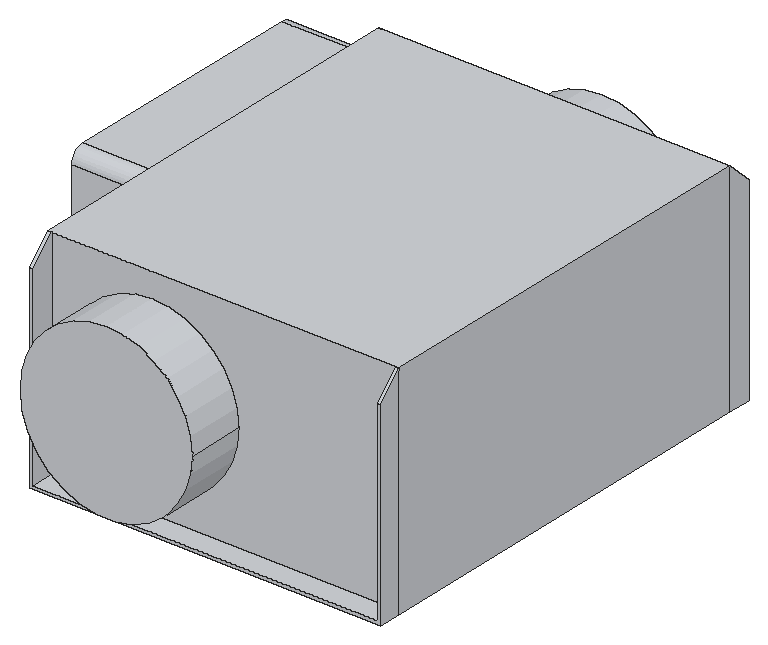
Revit family "CADS_Vent-Axia_MechEquip_Fan_SENT_DBoxSingle - EXTRACT", category Mechanical Equipment, host Face, Revit 2020
Family settings
  Host = Face
  Round Connector Dimension = Use Diameter
  Classification = None
  Part Type = Normal
  OmniClass Number = 23.75.35.17.11
  OmniClass Title = Fans for Air Ductwork
  Cut with Voids When Loaded = No
  Shared = No
  Room Calculation Point = No
Parameters (values of type "SENT150S/CP")
  WorkingPressure = 0.0 Pa
  WarrantyStartDate [instance] = "1900-12-31T23:59:59"
  WarrantyPeriod = ""
  WarrantyIdentifier = "N/A"
  WarrantyGuarantorParts = "tech@vent-axia.com"
  WarrantyGuarantorLabor = "tech@vent-axia.com"
  WarrantyGuarantor = "Vent-Axia Limited"
  WarrantyEndDate [instance] = "1900-12-31T23:59:59"
  WarrantyContent = ""
  W = 0 mm
  Type Image = <None>
  TemperatureRange = ""
  TagNumber [instance] = "N/A"
  SustainabilityPerformance = ""
  Status = "New"
  SpigotCLHeight = 62 mm
  Size = ""
  Shape = ""
  ServiceLifeType = ""
  ServiceLifeDuration = ""
  SerialNumber [instance] = "N/A"
  ReplacementCost = ""
  RatedVoltage = 0 V
  RatedCurrent = 0 A
  Quantity = 1
  ProductionYear = ""
  PressureCurve = ""
  PowerFactor = ""
  PointOfContact = ""
  OutOffset = 62 mm
  NumberOfPoles = 0
  NominalWidth = 306 mm
  NominalLength = 380 mm
  NominalHeight = 192 mm
  NominalFrequencyRange = ""
  NominalDiameter = 150 mm
  ModelReference = "SENTINEL 150 CONST.PRESS"
  ModelNumber = "SENT150S/CP"
  Material = ""
  ManufacturerE-Mail = "tech@vent-axia.com"
  ManufacturerAddress = "Fleming Way\nCrawley \nRH10 9YX"
  L = NominalLength - 20 mm  # 360 mm
  IsExtendedWarranty = no
  InsulationStandardClass = ""
  InstallationDate [instance] = "1900-12-31T23:59:59"
  IfcExportType [instance] = ""
  IfcExportAs [instance] = "IfcFanType"
  IP_Code = ""
  HasProtectiveEarth = no
  H = 0 mm
  GrossWeight = 0.00 kg
  Grade = ""
  GlobalTradeItemNumber [instance] = "N/A"
  Fitting Type = "Ignore"
  Finish = ""
  Features = ""
  ExteriorInsulation = no
  ExpectedServiceLife = 0
  Exclusions = ""
  EBVoffset = 80.486 mm
  EBHoffset = 205.5 mm
  DurationUnit = "Year"
  Default Elevation = 1219.2 mm
  Constituents = ""
  ConductorFunction = ""
  Color = ""
  CodePerformance = ""
  Category = ""
  CADS_Usage = 0
  CADS_Index = 0
  AssetType = "FIXED"
  AssetIdentifier [instance] = "N/A"
  AssemblyPlace = "UNKNOWN"
  ArticleNumber [instance] = "N/A"
  AirflowRateRange = 0.0 L/s
  Air Flow [instance] = 0.0 L/s
  AccessibilityPerformance = ""
Types (11, lengths in mm): name | Type Image | SpigotCLHeight | OutOffset | NominalWidth | NominalLength | NominalHeight | NominalDiameter | ModelReference | ModelNumber | L | EBVoffset | EBHoffset
  SENT100S | <None> | 62 | 62 | 306 | 380 | 192 | 100 | "SENTINEL 100S/H" | "SENT100S" | 360 | 70 | 75
  SENT125S | <None> | 62 | 62 | 306 | 380 | 192 | 125 | "SENTINEL 125 HIERARCHY" | "SENT125S" | 360 | 80.486 | 205.5
  SENT150S | <None> | 62 | 62 | 306 | 380 | 192 | 150 | "SENTINEL 150 HIERARCHY" | "SENT150S" | 360 | 80.486 | 205.5
  SENT150S/CP | <None> | 62 | 62 | 306 | 380 | 192 | 150 | "SENTINEL 150 CONST.PRESS" | "SENT150S/CP" | 360 | 80.486 | 205.5
  SENT200S | <None> | 60 | 60 | 360 | 435 | 287 | 200 | "SENTINEL 200 HIERARCHY" | "SENT200S" | 415 | 80.486 | 205.5
  SENT250S | <None> | 35 | 35 | 360 | 435 | 287 | 250 | "SENTINEL 250 HIERARCHY" | "SENT250S" | 415 | 80.486 | 205.5
  SENT315S | <None> | 43 | 43 | 568 | 710 | 458 | 315 | "SENTINEL 315 HIERARCHY" | "SENT315S" | 690 | 80.486 | 205.5
  SENT315S/CP | <None> | 43 | 43 | 568 | 710 | 458 | 315 | "SENTINEL 315 CONST.PRESS" | "SENT315S/CP" | 690 | 80.486 | 205.5
  SENT400S | <None> | 43 | 43 | 568 | 710 | 458 | 400 | "SENTINEL 400 HIERARCHY" | "SENT400S" | 690 | 80.486 | 205.5
  SENT400S/CP | <None> | 43 | 43 | 568 | 710 | 458 | 400 | "SENTINEL 400 CONST.PRESS" | "SENT400S/CP" | 690 | 80.486 | 205.5
  SENT500S | CADS_Vent-Axia_MechEquip_Fan_SENT_DBoxSingle.jpg | 59 | 59 | 765 | 898 | 577 | 500 | "SENTINEL 500 HIERARCHY" | "SENT500S" | 878 | 80.486 | 205.5
Reference planes
  plane 1 "Center (Front/Back)": y = 0
  plane 2: z = 0
  plane 3 "Center (Left/Right)": x = 0
  plane 4 "Left Face": x = -153
  plane 5 "out face": y = -180
  plane 6 "right face": x = 153
  plane 7 "in face": y = 180
  plane 8: x = -62
  plane 9: z = 96
  plane 10 "top face": z = 192
  plane 11: y = -200
  plane 12: y = 200
  plane 13: x = 173
  plane 14: z = 158
Forms (mm)
  Extrusion 1, solid
    sketch origin (0, 0, 0) x (1, 0, 0) y (0, 1, 0)
      loop
        line (-153, 180) -> (-153, -180) -> (153, -180) -> (153, 180) -> (-153, 180)
    from 0 to 192 <- "NominalHeight"
  Extrusion 2, solid
    sketch origin (0, -180, 0) x (1, 0, 0) y (0, 0, 1)
      loop
        circle (-62, 96) r 75
    from 0 to 50
  Extrusion 3, solid
    sketch origin (0, 180, 0) x (1, 0, 0) y (0, 0, -1)
      loop
        circle (0, -96) r 75
    from 0 to 51.496
  Sweep 4, solid
    path origin (0, -180, 0) x (1, 0, 0) y (0, 0, 1)
      loop
        line (-153, 192) -> (-153, 0) -> (153, 0) -> (153, 192)
    profile origin (-153, -180, 96) x (0, -1, 0) y (1, 0, 0)
      loop
        line (0, 0) -> (20, 0) -> (20, 3) -> (0, 3) -> (0, 0)
  Sweep 5, solid
    path origin (0, 180, 0) x (1, 0, 0) y (0, 0, 1)
      loop
        line (153, 192) -> (153, 0) -> (-153, 0) -> (-153, 192)
    profile origin (153, 180, 96) x (0, 1, 0) y (-1, 0, 0)
      loop
        line (20, 3) -> (0, 3) -> (0, 0) -> (20, 0) -> (20, 3)
  Sweep 6, void
    path origin (0, 0, 192) x (1, 0, 0) y (0, 1, 0)
      loop
        line (-153, -200) -> (173, -200) -> (173, 200) -> (-153, 200)
    profile origin (10, -200, 192) x (0, 1, 0) y (0, 0, 1)
      loop
        line (20, 0) -> (0, 0) -> (0, -20) -> (20, 0)
Cuts and joins
  Sweep 6 cuts Sweep 4
  Sweep 6 cuts Sweep 5
  joined: Sweep 4, Sweep 5
  Sweep 6 cuts Extrusion 1
Lines and regions (mm)
  model lines
    curve 1: line (0, 0, 192) -> (0, 100, 192)
    curve 2: line (0, 0, 192) -> (-9.059, 33.807, 192)
    curve 3: line (0, 0, 192) -> (9.059, 33.807, 192)
  model lines, not visible
    curve 4: line (0, 0, 192) -> (0, 100, 192)
    curve 5: line (0, 0, 192) -> (-9.059, 33.807, 192)
    curve 6: line (0, 0, 192) -> (9.059, 33.807, 192)
Dimensions and locks
  "NominalWidth": plane 4 "Left Face" to plane 6 "right face"
  equal spacing: plane 4 "Left Face", plane 3 "Center (Left/Right)", plane 6 "right face"
  "L": plane 5 "out face" to plane 7 "in face"
  equal spacing: plane 5 "out face", plane 1 "Center (Front/Back)", plane 7 "in face"
  "OutOffset": plane 8 to plane 3 "Center (Left/Right)"
  plane 8 to Extrusion 2 sketch curve = 0 mm
  Extrusion 2 sketch curve to plane 9 = 0 mm
  "EBHoffset": nested 1 to plane 1 "Center (Front/Back)"
  "EBVoffset": nested 1 to level
  "NominalHeight": level to plane 10 "top face"
  plane 5 "out face" to plane 11 = 20 mm
  plane 7 "in face" to plane 12 = 20 mm
  plane 6 "right face" to plane 13 = 20 mm
  equal spacing: plane 10 "top face", plane 9, plane 2
  "SpigotCLHeight": plane 9 to plane 14
  locked: plane 9 to Extrusion 3 sketch curve
  "NominalDiameter": diameter of Extrusion 2 sketch curve
  "NominalDiameter": diameter of Extrusion 3 sketch curve
  aligned and locked: plane 2 to host face
  aligned and locked: level to host face
  aligned and locked: Sweep 4 sketch curve to plane 6 "right face"
  aligned and locked: Sweep 4 sketch curve to plane 4 "Left Face"
  aligned and locked: Sweep 6 sketch curve to plane 12
  aligned and locked: plane 13 to Sweep 6 sketch curve
  aligned and locked: profile plane to Sweep 4 sketch curve
  aligned and locked: plane 11 to Sweep 4 sketch curve
  aligned and locked: plane 7 "in face" to nested 3
  aligned and locked: nested 3 to plane 9
  aligned and locked: plane 3 "Center (Left/Right)" to curve 1
  aligned and locked: plane 1 "Center (Front/Back)" to curve 3
Automatic sketch dimensions
  host sketch curve to host sketch curve = 2438.4 mm  (x2)
  Extrusion 1 sketch curve to plane 4 "Left Face" = 0 mm
  Extrusion 1 sketch curve to plane 5 "out face" = 0 mm
  Extrusion 1 sketch curve to plane 6 "right face" = 0 mm
  plane 7 "in face" to Extrusion 1 sketch curve = 0 mm
  profile plane to Sweep 4 sketch curve = 0 mm
  Sweep 4 sketch curve to profile plane = 3 mm
  Sweep 5 sketch curve to profile plane = 3 mm
  plane 7 "in face" to Sweep 5 sketch curve = 20 mm
  profile plane to Sweep 5 sketch curve = 0 mm
  Sweep 5 sketch curve to Sweep 5 sketch curve = 20 mm
  Sweep 6 sketch curve to plane 4 "Left Face" = 0 mm  (x2)
  Sweep 6 sketch curve to plane 11 = 0 mm
  Sweep 6 sketch curve to plane 10 "top face" = 0 mm
  Sweep 6 sketch curve to profile plane = 0 mm
  Sweep 6 sketch curve to Sweep 6 sketch curve = 20 mm  (x2)
  Sweep 4 sketch curve to level = 0 mm
  Sweep 4 sketch curve to plane 10 "top face" = 0 mm  (x2)
  Sweep 5 sketch curve to level = 0 mm
  Sweep 5 sketch curve to plane 4 "Left Face" = 0 mm
  plane 6 "right face" to Sweep 5 sketch curve = 0 mm
  Sweep 5 sketch curve to plane 10 "top face" = 0 mm  (x2)
  Extrusion 3 sketch curve to plane 3 "Center (Left/Right)" = 0 mm
Nested families
  nested 1: "Electrical Connection Box" at (-153, 205.5, 80.486) x (0, -1, 0) z (-1, 0, 0), type "Electrical Connection Box"
  nested 2: "Electrical Connection Box" at (-153, -120, 123) x (0, -1, 0) z (-1, 0, 0), type "Electrical Connection Box"
  nested 3: "Electrical Connection Box" at (-153, 60, 96) x (0, -1, 0) z (-1, 0, 0), type "SENT"
    with w 240 mm, h 75 mm, d 160 mm
Connectors
  hvac at (-62, -230, 96), driven by "NominalDiameter", driven by "Air Flow"
    settings: on Extrusion 2, index 1, duct flow 0.0 L/s, flow factor 0, pres drop 0.0 Pa, loss coef 0, conn angle 0.00°, conn width 304.8 mm, conn height 304.8 mm, conn diameter 150 mm, duct sys type 3, conn prof type 0, flow config 1, flow direction 2, loss method 0, conn ref index -1, conn util no, is conn primary yes, conn desc ""
  hvac at (0, 231.496, 96), driven by "NominalDiameter", driven by "Air Flow"
    settings: on Extrusion 3, index 2, duct flow 0.0 L/s, flow factor 0, pres drop 0.0 Pa, loss coef 0, conn angle 0.00°, conn width 304.8 mm, conn height 304.8 mm, conn diameter 150 mm, duct sys type 2, conn prof type 0, flow config 0, flow direction 1, loss method 0, conn ref index -1, conn util no, is conn primary no, conn desc ""
Definition of nested family "Electrical Connection Box"
  Parameters (values of type "165x135")
    w = 165 mm
    vis grommets = no
    h = 50 mm
    d = 135 mm
    Default Elevation = 1219.2 mm
  Types (4, lengths in mm): name | w | vis grommets | h | d
    125x84 | 125 | yes | 0 | 84
    165x135 | 165 | no | 50 | 135
    Electrical Connection Box 2 | 165 | no | 0 | 135
    Electrical Connection Box | 125 | no | 0 | 84
  Reference planes
    plane 1 "Center (Front/Back)": y = 0
    plane 2: z = 0
    plane 3 "Center (Left/Right)": x = 0
    plane 4: y = 67.5
    plane 5: x = 82.5
    plane 6: x = -82.5
    plane 7: y = -67.5
  Forms (mm)
    Extrusion 1, solid
      sketch origin (0, 0, 0) x (1, 0, 0) y (0, 1, 0)
        loop
          line (-1219.2, 1219.2) -> (-1219.2, -1219.2) -> (1219.2, -1219.2) -> (1219.2, 1219.2) -> (-1219.2, 1219.2)
      from 0 to -304.8
    Extrusion 2, solid
      sketch origin (-62.5, -42, 0) x (1, 0, 0) y (0, 1, 0)
        loop
          arc (-8, 109.5) -> (-16.485, 105.985) -> (-20, 97.5) r 12
          line (-20, 97.5) -> (-20, -13.5)
          arc (-20, -13.5) -> (-16.485, -21.985) -> (-8, -25.5) r 12
          line (-8, -25.5) -> (133, -25.5)
          arc (133, -25.5) -> (141.485, -21.985) -> (145, -13.5) r 12
          line (145, -13.5) -> (145, 97.5)
          arc (145, 97.5) -> (141.485, 105.985) -> (133, 109.5) r 12
          line (133, 109.5) -> (-8, 109.5)
      from 0 to 50 <- "h"
    Extrusion 3, solid, visible <- "vis grommets"
      sketch origin (82.5, 68.728, -0.59) x (0, -1, 0) y (0, 0, -1)
        loop
          circle (26.228, -28.09) r 11
      from 0 to 3
    Extrusion 4, solid, visible <- "vis grommets"
      sketch origin (224.495, -67.5, 22.909) x (-1, 0, 0) y (0, 0, -1)
        loop
          circle (176.995, -4.591) r 11
      from 0 to 3
    Extrusion 5, solid, visible <- "vis grommets"
      sketch origin (164.495, -67.5, 22.909) x (-1, 0, 0) y (0, 0, -1)
        loop
          circle (216.995, -4.591) r 11
      from 0 to 3
  Dimensions and locks
    "w": plane 6 to plane 5
    equal spacing: plane 6, plane 3 "Center (Left/Right)", plane 5
    "d": plane 4 to plane 7
    equal spacing: plane 4, plane 1 "Center (Front/Back)", plane 7
    aligned and locked: plane 2 to Extrusion 1
    aligned and locked: level to Extrusion 1
  Automatic sketch dimensions
    Extrusion 1 sketch curve to Extrusion 1 sketch curve = 2438.4 mm  (x2)
    Extrusion 2 sketch curve to plane 6 = 0 mm
    plane 7 to Extrusion 2 sketch curve = 0 mm
    Extrusion 2 sketch curve to plane 4 = 0 mm
    Extrusion 2 sketch curve to plane 5 = 0 mm
    Extrusion 2 sketch curve to plane 6 = 12 mm
    Extrusion 2 sketch curve to plane 4 = 12 mm  (x2)
    Extrusion 2 sketch curve to plane 5 = 12 mm
    Extrusion 3 sketch curve to Extrusion 2 = 13 mm
    Extrusion 2 to Extrusion 3 sketch curve = 22.5 mm
    Extrusion 4 sketch curve to Extrusion 2 = 23 mm
    Extrusion 2 to Extrusion 4 sketch curve = 22.5 mm
    Extrusion 2 to Extrusion 5 sketch curve = 18 mm
    Extrusion 2 to Extrusion 5 sketch curve = 22.5 mm
    radius of Extrusion 3 sketch curve = 11 mm
    radius of Extrusion 4 sketch curve = 11 mm
    radius of Extrusion 5 sketch curve = 11 mm
